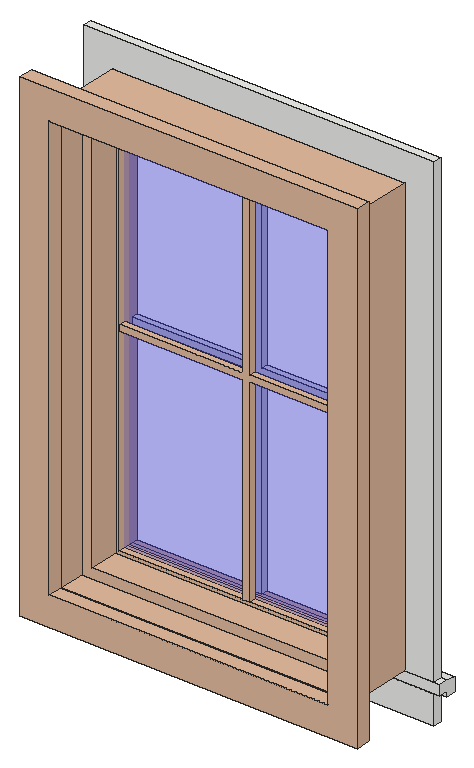
Revit family "M_Window-Fixed", category Windows, host Wall, Revit 2022
Family settings
  Host = Wall
  OmniClass Number = 23.30.20.17.11
  OmniClass Title = Fixed Windows
  Always vertical = Yes
  Cut with Voids When Loaded = No
  Shared = No
  Room Calculation Point = No
Parameters (values of type "600 x 900mm")
  Window Inset [instance] = 0 mm
  Wall Thickness [instance] = 150 mm
  Visual Light Transmittance = 0.81
  Thermal Resistance (R) = 0.319569 (m²·K)/W
  Solar Heat Gain Coefficient = 0.76
  Rough Width = Width + 15 mm  # 615 mm
  Rough Height = Height + 15 mm  # 915 mm
  Muntin Visibility = yes
  Muntin Pattern = M_Muntin Pattern_2x2 : M_Muntin Pattern_2x2
  Interior Wall Closure [instance] = 54.75 mm
  Interior Trim Visibility [instance] = yes
  Interior Trim Material = Wood - Stained
  Interior Trim = M_Trim-Window-Interior-Flat : Picture Frame
  Height = 900 mm
  Interior Frame Material = Wood - Stained
  Heat Transfer Coefficient (U) = 3.12929 W/(m²·K)
  Glass Panel Material = Glass
  Frame Extension [instance] = if(Exterior Trim Visibility, Window Inset + 6.35 mm, 6.35 mm)  # 6.35 mm
  Fire Rating = "0.5h"
  Exterior Wall Closure [instance] = 31.75 mm
  Exterior Trim Visibility [instance] = yes
  Exterior Trim Material = Clad - White
  Exterior Trim = M_Trim-Window-Exterior-Flat : with Sill
  Exterior Frame Material = Clad - White
  Extension Jamb Visibility [instance] = and(Interior Trim Visibility, Wall Thickness - Window Inset > 95.25 mm)  # yes
  Extension Jamb [instance] = if(Wall Thickness - Window Inset > 95.25 mm, Wall Thickness - Window Inset - 95.25 mm, 25.4 mm)  # 54.75 mm
  Default Sill Height = 900 mm
  Wall Closure = By host
  Width = 600 mm
  Assembly Code = "B2020100"
  Analytic Construction = "Double glazing - domestic"
Reference planes
  plane 1 "Center (Front/Back)": y = 0
  plane 2: z = 0
  plane 3 "Center (Left/Right)": x = 0
  plane 4 "Left": x = -300
  plane 5 "Right": x = 300
  plane 6 "Sill": z = 900
  plane 7 "Top": z = 1800
  plane 8 "Inset Face": y = 75
  plane 9 "Wall Closure": y = -20.25
  plane 10 "Sash Face": y = 87.7
  plane 11 "Exterior": y = 75
  plane 12: x = 287.3
  plane 13: x = -287.3
  plane 14: z = 1787.3
  plane 15: z = 912.7
  plane 16: y = 55.95
  plane 17 "Glass": y = 65.475
  plane 18: y = 94.05
  plane 19: y = 94.05
  plane 20 "Interior": y = -75
  plane 21 "Jamb": y = -20.25
  plane 22 "Middle": z = 1350
  plane 23: z = 1350
  plane 24: x = 268.25
  plane 25: x = 261.9
  plane 26: x = -261.9
  plane 27: x = 261.9
  plane 28: z = 1761.9
  plane 29: z = 938.1
  plane 30: y = -20.25
  plane 31: y = 43.25
  plane 32: y = 94.05
Forms (mm)
  Sweep 1, solid, material "Wood - Stained" <- "Interior Frame Material"
    path origin (0, 87.7, 0) x (-1, 0, 0) y (0, 0, 1)
      loop
        line (-300, 900) -> (300, 900) -> (300, 1800) -> (-300, 1800) -> (-300, 900)
    profile origin (300, 87.7, 1350) x (1, 0, 0) y (0, 1, 0)
      loop
        line (0, 6.35) -> (-12.7, 6.35) -> (-12.7, -44.45) -> (-31.75, -44.45) -> (-31.75, -107.95) -> (0, -107.95) -> (0, 6.35)
  Extrusion 2, solid, material "Wood - Stained" <- "Interior Frame Material", visible <- "Extension Jamb Visibility"
    sketch origin (0, 0, 0) x (1, 0, 0) y (0, 0, 1)
      loop
        line (300, 1800) -> (-300, 1800) -> (-300, 900) -> (300, 900) -> (300, 1800)
      loop
        line (287.3, 912.7) -> (287.3, 1787.3) -> (-287.3, 1787.3) -> (-287.3, 912.7) -> (287.3, 912.7)
    from 20.25 to 75
  Sweep 3, solid, material "Wood - Stained" <- "Interior Frame Material"
    path origin (0, 87.7, 0) x (-1, 0, 0) y (0, 0, 1)
      loop
        line (-287.3, 1787.3) -> (-287.3, 912.7) -> (287.3, 912.7) -> (287.3, 1787.3) -> (-287.3, 1787.3)
    profile origin (287.3, 87.7, 1350) x (0, 1, 0) y (-1, 0, 0)
      loop
        line (0, 0) -> (0, 25.4) -> (-44.45, 25.4) -> (-44.45, 0) -> (0, 0)
  Extrusion 4, solid, material "Glass" <- "Glass Panel Material"
    sketch origin (0, 0, 900) x (0, -1, 0) y (1, 0, 0)
      loop
        line (-75, -261.9) -> (-68.65, -261.9) -> (-68.65, 261.9) -> (-75, 261.9) -> (-75, -261.9)
      loop
        line (-55.95, 261.9) -> (-62.3, 261.9) -> (-62.3, -261.9) -> (-55.95, -261.9) -> (-55.95, 261.9)
    from 38.1 to 861.9
Lines and regions (mm)
  Opening 1
    outline origin (-1524, -75, 0) x (1, 0, 0) y (0, 0, 1)
      loop
        line (1224, 1800) -> (1224, 900) -> (1824, 900) -> (1824, 1800) -> (1224, 1800)
  Split face 1
    outline origin (261.9, 87.7, 938.1) x (-1, 0, 0) y (0, -1, 0)
      loop
        line (523.8, 12.7) -> (0, 12.7)
  Split face 2
    outline origin (261.9, 87.7, 1761.9) x (0, 0, -1) y (0, -1, 0)
      loop
        line (0, 12.7) -> (823.8, 12.7)
  Split face 3
    outline origin (-261.9, 87.7, 938.1) x (0, 0, 1) y (0, -1, 0)
      loop
        line (823.8, 12.7) -> (0, 12.7)
  Split face 4
    outline origin (-261.9, 87.7, 1761.9) x (0, -1, 0) y (1, 0, 0)
      loop
        line (12.7, 0) -> (12.7, 523.8)
  Split face 5
    outline origin (287.3, 43.25, 912.7) x (0, 0, 1) y (0, 1, 0)
      loop
        line (874.6, 31.75) -> (0, 31.75)
  Split face 6
    outline origin (-287.3, 43.25, 912.7) x (1, 0, 0) y (0, 1, 0)
      loop
        line (0, 31.75) -> (574.6, 31.75)
  Split face 7
    outline origin (-287.3, 43.25, 1787.3) x (0, 0, -1) y (0, 1, 0)
      loop
        line (874.6, 44.45) -> (0, 44.45)
  Split face 8
    outline origin (287.3, 43.25, 1787.3) x (0, 1, 0) y (-1, 0, 0)
      loop
        line (44.45, 0) -> (44.45, 574.6)
Text (mm)
  text "EXTERIOR" at (-1490.695, 1293.036, 0), in view "Ref. Level"
  text "INTERIOR" at (-1490.695, -959.266, 0), in view "Ref. Level"
  text "Exterior" at (0, 1108.87, 3129.179), in view "Left"
  text "Exterior" at (0, 464.664, 3176.206), in view "Right"
Dimensions and locks
  equal spacing: plane 4 "Left", plane 3 "Center (Left/Right)", plane 5 "Right"
  "Width": plane 4 "Left" to plane 5 "Right"
  "Height": plane 6 "Sill" to plane 7 "Top"
  "Default Sill Height": plane 2 to plane 6 "Sill"
  locked: plane 10 "Sash Face" to plane 8 "Inset Face" at 12.7
  "Wall Thickness": host wall to host wall
  "Window Inset": plane 11 "Exterior" to plane 8 "Inset Face"
  locked: Sweep 1 sketch curve to plane 5 "Right" at 12.7
  locked: plane 12 to plane 5 "Right" at 12.7
  locked: plane 4 "Left" to plane 13 at 12.7
  locked: plane 14 to plane 7 "Top" at 12.7
  locked: plane 6 "Sill" to plane 15 at 12.7
  plane 16 to Sweep 3 = 12.7 mm
  equal spacing: plane 8 "Inset Face", plane 17 "Glass", plane 16
  locked: plane 8 "Inset Face" to plane 16 at 19.05
  locked: plane 18 to plane 11 "Exterior" at 19.05
  locked: plane 19 to plane 10 "Sash Face" at 6.35
  "Extension Jamb": plane 21 "Jamb" to plane 20 "Interior"
  locked: plane 8 "Inset Face" to plane 9 "Wall Closure" at 95.25
  equal spacing: plane 6 "Sill", plane 23, plane 7 "Top"
  plane 24 to plane 5 "Right" = 31.75 mm
  plane 25 to plane 12 = 25.4 mm
  locked: plane 4 "Left" to plane 26 at 38.1
  locked: plane 7 "Top" to plane 28 at 38.1
  locked: plane 29 to plane 6 "Sill" at 38.1
  locked: plane 27 to plane 5 "Right" at 38.1
  level to host wall = 7010.4 mm
  "Interior Wall Closure": plane 30 to plane 20 "Interior"
  "Exterior Wall Closure": plane 11 "Exterior" to plane 31
  "Frame Extension": plane 32 to plane 10 "Sash Face"
  aligned and locked: plane 7 "Top" to Opening 1 sketch curve
  aligned and locked: plane 6 "Sill" to Opening 1 sketch curve  (x2)
  aligned and locked: plane 5 "Right" to Opening 1 sketch curve
  aligned and locked: plane 4 "Left" to Opening 1 sketch curve
  aligned and locked: level to plane 2
  aligned and locked: host wall to plane 11 "Exterior"
  aligned and locked: plane 5 "Right" to Sweep 1 sketch curve
  aligned and locked: plane 7 "Top" to Sweep 1 sketch curve
  aligned and locked: Sweep 1 sketch curve to plane 4 "Left"
  aligned and locked: Sweep 1 sketch curve to plane 6 "Sill"
  aligned and locked: Extrusion 2 sketch curve to host wall  (x3)
  aligned and locked: plane 7 "Top" to Extrusion 2 sketch curve
  aligned and locked: host wall to Extrusion 2
  aligned and locked: Sweep 3 sketch curve to plane 12  (x2)
  aligned and locked: Sweep 3 sketch curve to plane 15
  aligned and locked: Split face 1 sketch curve to plane 8 "Inset Face"
  aligned and locked: plane 8 "Inset Face" to Split face 2 sketch curve
  aligned and locked: plane 8 "Inset Face" to Split face 3 sketch curve
  aligned and locked: Split face 4 sketch curve to plane 8 "Inset Face"
  aligned and locked: Extrusion 4 sketch curve to plane 8 "Inset Face"
  aligned and locked: Sweep 3 to Extrusion 4 sketch curve
  aligned and locked: Extrusion 4 sketch curve to plane 16
  aligned and locked: Extrusion 4 sketch curve to Sweep 3
  aligned and locked: plane 20 "Interior" to host wall
  aligned and locked: plane 21 "Jamb" to Extrusion 2
  aligned and locked: plane 9 "Wall Closure" to Sweep 1
  aligned and locked: nested 2 to plane 4 "Left"
  aligned and locked: plane 11 "Exterior" to nested 2
  aligned and locked: profile plane to Sweep 3 sketch curve
  aligned and locked: plane 13 to Sweep 3 sketch curve
  aligned and locked: plane 12 to Extrusion 2 sketch curve
  aligned and locked: Extrusion 2 sketch curve to plane 14
  aligned and locked: Extrusion 2 sketch curve to plane 13
  aligned and locked: plane 15 to Extrusion 2 sketch curve
  aligned and locked: plane 23 to plane 22 "Middle"
  aligned and locked: plane 14 to Sweep 3 sketch curve
  aligned and locked: Sweep 1 sketch curve to Sweep 3
  aligned and locked: Sweep 3 sketch curve to plane 25
  aligned and locked: Extrusion 4 sketch curve to plane 25  (x2)
  aligned and locked: Extrusion 4 to Sweep 3  (x2)
  aligned and locked: plane 8 "Inset Face" to Split face 5 sketch curve
  aligned and locked: Split face 6 sketch curve to plane 8 "Inset Face"
  aligned and locked: Split face 7 sketch curve to plane 10 "Sash Face"
  aligned and locked: plane 10 "Sash Face" to Split face 8 sketch curve
  aligned and locked: plane 7 "Top" to nested 2
  aligned and locked: nested 1 to plane 29
  aligned and locked: plane 15 to Extrusion 2
  aligned and locked: Extrusion 2 to plane 14
  aligned and locked: plane 17 "Glass" to nested 1
  aligned and locked: nested 1 to plane 28
  aligned and locked: plane 25 to nested 1
  aligned and locked: plane 26 to nested 1
  aligned and locked: plane 7 "Top" to nested 3
  aligned and locked: nested 3 to plane 3 "Center (Left/Right)"
  aligned and locked: plane 7 "Top" to nested 4
  aligned and locked: plane 3 "Center (Left/Right)" to nested 4
  aligned and locked: plane 32 to Sweep 1 sketch curve
Automatic sketch dimensions
  Sweep 3 sketch curve to plane 10 "Sash Face" = 44.45 mm
  Split face 1 sketch curve to Sweep 3 = 0 mm  (x2)
  Sweep 3 to Split face 2 sketch curve = 0 mm
  Split face 2 sketch curve to Sweep 3 = 0 mm
  Split face 3 sketch curve to Sweep 3 = 0 mm
  Sweep 3 to Split face 3 sketch curve = 0 mm
  Split face 4 sketch curve to Sweep 3 = 0 mm  (x2)
  plane 17 "Glass" to Extrusion 4 sketch curve = 3.175 mm
  Extrusion 4 sketch curve to plane 17 "Glass" = 3.175 mm
  Sweep 1 sketch curve to profile plane = 0 mm
  profile plane to Sweep 1 sketch curve = 31.75 mm
  Sweep 1 sketch curve to plane 10 "Sash Face" = 107.95 mm
  Split face 5 sketch curve to Sweep 1 = 0 mm
  Sweep 1 to Split face 5 sketch curve = 0 mm
  Split face 6 sketch curve to Sweep 1 = 0 mm  (x2)
  Sweep 1 to Split face 7 sketch curve = 0 mm
  Split face 7 sketch curve to Sweep 1 = 0 mm
  Split face 8 sketch curve to Sweep 1 = 0 mm  (x2)
Nested families
  nested 1: "M_Muntin Pattern_2x2" at (0, 65.475, 938.1) x (-1, 0, 0) z (0, 0, 1), type <- "Muntin Pattern", Exterior Material <- "Exterior Frame Material", Interior Material <- "Interior Frame Material", visible <- "Muntin Visibility", type "M_Muntin Pattern_2x2"
    with Width 523.8 mm, Interior Material Wood - Stained, Height 823.8 mm, Exterior Material Clad - White
  nested 2: "M_Plan-Fixed" at (0, 75, 900) x (-1, 0, 0) z (0, 0, 1), Width <- "Width", Wall Thickness <- "Wall Thickness", Height <- "Height", Window Inset <- "Window Inset", type "M_Plan-Fixed"
    with Window Inset of 3D 0 mm, Window Inset 0 mm, Width 600 mm, Wall Thickness 150 mm, Height 900 mm
  nested 3: "M_Trim-Window-Exterior-Flat" at (0, 75, 1800) x (-1, 0, 0) z (0, 1, 0), visible <- "Exterior Trim Visibility", Trim Material <- "Exterior Trim Material", Opening Width <- "Width", Opening Height <- "Height", type <- "Exterior Trim", type "with Sill"
    with Trim Material Clad - White, Opening Width 600 mm, Opening Height 900 mm
  nested 4: "M_Trim-Window-Interior-Flat" at (0, -75, 1800) x (1, 0, 0) z (0, -1, 0), visible <- "Interior Trim Visibility", Trim Material <- "Interior Trim Material", Opening Width <- "Width", Opening Height <- "Height", type <- "Interior Trim", type "Picture Frame"
    with Trim Material Wood - Stained, Opening Width 600 mm, Opening Height 900 mm
Definition of nested family "M_Muntin Pattern_2x2"
  Parameters (values of type "M_Muntin Pattern_2x2")
    Width [instance] = 1200 mm
    Thickness = 12.7 mm
    Height [instance] = 1200 mm
    Interior Material [instance] = none
    Exterior Material [instance] = none
    Distance = 19.05 mm
    Default Elevation = 0 mm
  Reference planes
    plane 1 "Center (Front/Back)": y = 0
    plane 2: z = 0
    plane 3 "Center (Left/Right)": x = 0
    plane 4: z = 1200
    plane 5: x = -600
    plane 6: x = 600
    plane 7: z = 600
    plane 8: y = 9.525
    plane 9: y = 22.225
    plane 10: y = -9.525
    plane 11: y = -22.225
  Forms (mm)
    Extrusion 1, solid, material <- "Interior Material", detail levels fine
      sketch origin (0, 0, 0) x (1, 0, 0) y (0, 0, 1)
        loop
          line (-600, 606.35) -> (-600, 593.65) -> (-6.35, 593.65) -> (-6.35, 0) -> (6.35, 0) -> (6.35, 593.65) -> (600, 593.65) -> (600, 606.35) -> (6.35, 606.35) -> (6.35, 1200) -> (-6.35, 1200) -> (-6.35, 606.35) -> (-600, 606.35)
      from 9.525 to 22.225
    Extrusion 2, solid, material <- "Exterior Material", detail levels fine
      sketch origin (0, 0, 0) x (1, 0, 0) y (0, 0, -1)
        loop
          line (-600, -606.35) -> (-6.35, -606.35) -> (-6.35, -1200) -> (6.35, -1200) -> (6.35, -606.35) -> (600, -606.35) -> (600, -593.65) -> (6.35, -593.65) -> (6.35, 0) -> (-6.35, 0) -> (-6.35, -593.65) -> (-600, -593.65) -> (-600, -606.35)
      from 9.525 to 22.225
  Lines and regions (mm)
    model lines, detail levels medium
      curve 1: line (0, 9.525, 1200) -> (0, 9.525, 0)
      curve 2: line (-600, -9.525, 600) -> (600, -9.525, 600)
      curve 3: line (-600, 9.525, 600) -> (600, 9.525, 600)
      curve 4: line (0, -9.525, 1200) -> (0, -9.525, 0)
  Dimensions and locks
    equal spacing: plane 6, plane 3 "Center (Left/Right)", plane 5
    "Width": plane 6 to plane 5
    "Height": plane 4 to plane 2
    equal spacing: plane 4, plane 7, plane 2
    locked: plane 3 "Center (Left/Right)" to Extrusion 1 sketch curve at 6.35  (x4)
    locked: Extrusion 1 sketch curve to plane 7 at 6.35  (x2)
    locked: plane 7 to Extrusion 1 sketch curve at 6.35  (x2)
    "Thickness": plane 9 to plane 8
    "Thickness": plane 10 to plane 11
    "Distance": plane 8 to plane 10
    equal spacing: plane 8, plane 1 "Center (Front/Back)", plane 10
    aligned and locked: plane 2 to level
    aligned and locked: plane 4 to curve 1
    aligned and locked: plane 5 to curve 2
    aligned and locked: plane 2 to curve 1
    aligned and locked: plane 6 to curve 2
    aligned and locked: Extrusion 1 sketch curve to plane 4
    aligned and locked: Extrusion 1 sketch curve to plane 6
    aligned and locked: Extrusion 1 sketch curve to plane 5
    aligned and locked: Extrusion 1 sketch curve to level
    aligned and locked: Extrusion 1 to plane 11
    aligned and locked: plane 10 to Extrusion 1
    aligned and locked: Extrusion 2 to plane 5
    aligned and locked: plane 6 to Extrusion 2
    aligned and locked: Extrusion 2 to plane 8
    aligned and locked: plane 9 to Extrusion 2
    aligned and locked: Extrusion 2 to plane 2
    aligned and locked: plane 4 to Extrusion 2
    aligned and locked: plane 5 to curve 3
    aligned and locked: plane 6 to curve 3
    aligned and locked: plane 4 to curve 4
    aligned and locked: plane 2 to curve 4
    aligned and locked: plane 8 to curve 3
  Automatic sketch dimensions
    curve 2 to plane 7 = 0 mm
    Extrusion 2 sketch curve to plane 5 = 0 mm
    Extrusion 2 sketch curve to level = 0 mm
    Extrusion 2 sketch curve to plane 4 = 0 mm
    Extrusion 2 sketch curve to plane 6 = 0 mm
    Extrusion 2 sketch curve to plane 3 "Center (Left/Right)" = 6.35 mm  (x2)
    plane 3 "Center (Left/Right)" to Extrusion 2 sketch curve = 6.35 mm  (x2)
    plane 7 to Extrusion 2 sketch curve = 6.35 mm  (x2)
    Extrusion 2 sketch curve to plane 7 = 6.35 mm  (x2)
    curve 4 to plane 3 "Center (Left/Right)" = 0 mm
    curve 4 to level = 0 mm
    curve 4 to plane 4 = 0 mm
    curve 3 to plane 6 = 0 mm
    curve 1 to plane 3 "Center (Left/Right)" = 0 mm
    curve 3 to plane 5 = 0 mm
    curve 3 to plane 7 = 0 mm
Definition of nested family "M_Trim-Window-Exterior-Flat"
  Parameters (values of type "with Sill")
    Trim Width = 60 mm
    Trim Thickness_Picture Frame = 30 mm
    Trim Thickness_with Sill = 19.05 mm
    Trim Material [instance] = none
    Sill Thickness = 30 mm
    Sill = yes
    Picture Frame = no
    Opening Width [instance] = 600 mm
    Opening Height [instance] = 900 mm
    Default Elevation = 1200 mm
  Types (2, lengths in mm): name | Sill | Picture Frame
    with Sill | yes | no
    Picture Frame | no | yes
  Reference planes
    plane 1 "Center (Front/Back)": y = 0
    plane 2: z = 0
    plane 3 "Center (Left/Right)": x = 0
    plane 4: y = 60
    plane 5 "Left": x = -300
    plane 6 "Right": x = 300
    plane 7 "Bottom": y = -900
    plane 8: y = -930
    plane 9: y = -980.432
    plane 10: x = 360
    plane 11: x = -360
    plane 12: z = 19.05
    plane 13: z = 30
    plane 14: x = 372.7
    plane 15: x = -372.7
    plane 16: y = -920.432
    plane 17: y = -960
    plane 18: z = 12.7
    plane 19: y = -450
    plane 20: z = 38.1
  Forms (mm)
    Extrusion 1, solid
      sketch origin (0, 0, 0) x (1, 0, 0) y (0, 1, 0)
        loop
          line (-361.95, 57.15) -> (-361.95, -993.732) -> (361.95, -993.732) -> (361.95, 57.15) -> (-361.95, 57.15)
      from 0 to -304.8
    Extrusion 2, solid, material <- "Trim Material", visible <- "Sill"
      sketch origin (0, 0, 0) x (1, 0, 0) y (0, 1, 0)
        loop
          line (-360, -900) -> (-300, -900) -> (-300, 0) -> (300, 0) -> (300, -900) -> (360, -900) -> (360, 60) -> (-360, 60) -> (-360, -900)
      from 0 to 19.05
    Extrusion 3, solid, material <- "Trim Material", visible <- "Sill"
      sketch origin (0, 0, 0) x (0, 1, 0) y (0, 0, 1)
        loop
          line (-902.458, 38.1) -> (-930, 38.1) -> (-930, 19.05) -> (-920.432, 19.05) -> (-920.432, 0) -> (-900, 0) -> (-900, 19.05) -> (-902.458, 38.1)
      from -372.7 to 372.7
    Extrusion 4, solid, material <- "Trim Material", visible <- "Sill"
      sketch origin (0, 0, 0) x (1, 0, 0) y (0, 1, 0)
        loop
          line (-360, -920.432) -> (-360, -980.432) -> (360, -980.432) -> (360, -920.432) -> (-360, -920.432)
      from 0 to 19.05
    Extrusion 5, solid, material <- "Trim Material", visible <- "Picture Frame"
      sketch origin (0, 0, 0) x (1, 0, 0) y (0, 1, 0)
        loop
          line (-300, 0) -> (-300, -900) -> (300, -900) -> (300, 0) -> (-300, 0)
        loop
          line (-360, 60) -> (-360, -960) -> (360, -960) -> (360, 60) -> (-360, 60)
      from 0 to 30
  Dimensions and locks
    equal spacing: plane 5 "Left", plane 3 "Center (Left/Right)", plane 6 "Right"
    "Opening Width": plane 5 "Left" to plane 6 "Right"
    "Opening Height": plane 7 "Bottom" to plane 1 "Center (Front/Back)"
    "Sill Thickness": plane 7 "Bottom" to plane 8
    "Trim Width": plane 11 to plane 5 "Left"
    "Trim Width": plane 6 "Right" to plane 10
    "Trim Width": plane 1 "Center (Front/Back)" to plane 4
    locked: plane 15 to plane 11 at 12.7
    locked: plane 10 to plane 14 at 12.7
    locked: plane 16 to plane 8 at 9.568
    "Trim Width": plane 9 to plane 16
    "Trim Width": plane 17 to plane 7 "Bottom"
    locked: plane 18 to plane 2 at 12.7
    equal spacing: plane 7 "Bottom", plane 19, plane 1 "Center (Front/Back)"
    locked: plane 20 to plane 12 at 19.05
    "Trim Thickness_with Sill": plane 12 to plane 2
    "Trim Thickness_Picture Frame": plane 13 to plane 2
    aligned and locked: plane 2 to Extrusion 1
    aligned and locked: level to Extrusion 1
    aligned and locked: Extrusion 2 sketch curve to plane 5 "Left"
    aligned and locked: Extrusion 2 sketch curve to plane 11
    aligned and locked: plane 7 "Bottom" to Extrusion 2 sketch curve  (x2)
    aligned and locked: plane 1 "Center (Front/Back)" to Extrusion 2 sketch curve
    aligned and locked: plane 10 to Extrusion 2 sketch curve
    aligned and locked: Extrusion 2 sketch curve to plane 6 "Right"
    aligned and locked: plane 12 to Extrusion 2
    aligned and locked: Extrusion 3 sketch curve to level
    aligned and locked: plane 7 "Bottom" to Extrusion 3 sketch curve
    aligned and locked: Extrusion 3 sketch curve to plane 8
    aligned and locked: plane 15 to Extrusion 3
    aligned and locked: Extrusion 3 to plane 14
    aligned and locked: plane 10 to Extrusion 4 sketch curve
    aligned and locked: Extrusion 4 sketch curve to plane 11
    aligned and locked: plane 16 to Extrusion 4 sketch curve
    aligned and locked: plane 9 to Extrusion 4 sketch curve
    aligned and locked: Extrusion 4 to Extrusion 2
    aligned and locked: Extrusion 2 sketch curve to plane 4
    aligned and locked: plane 1 "Center (Front/Back)" to Extrusion 5 sketch curve
    aligned and locked: Extrusion 5 sketch curve to plane 4
    aligned and locked: Extrusion 5 sketch curve to plane 17
    aligned and locked: plane 7 "Bottom" to Extrusion 5 sketch curve
    aligned and locked: Extrusion 5 sketch curve to plane 6 "Right"
    aligned and locked: plane 10 to Extrusion 5 sketch curve
    aligned and locked: Extrusion 5 sketch curve to plane 5 "Left"
    aligned and locked: Extrusion 5 sketch curve to plane 11
    aligned and locked: plane 13 to Extrusion 5
    aligned and locked: plane 20 to Extrusion 3
  Automatic sketch dimensions
    Extrusion 1 sketch curve to Extrusion 1 sketch curve = 723.9 mm
    Extrusion 1 sketch curve to Extrusion 1 sketch curve = 1050.882 mm
    Extrusion 3 sketch curve to plane 16 = 0 mm
    Extrusion 3 sketch curve to plane 12 = 0 mm  (x2)
    Extrusion 3 sketch curve to plane 7 "Bottom" = 2.458 mm
    plane 13 to Extrusion 3 sketch curve = 8.1 mm
Definition of nested family "M_Trim-Window-Interior-Flat"
  Parameters (values of type "with Sill")
    Trim Thickness_Picture Frame = 30 mm
    Trim Width = 60 mm
    Trim Thickness_with Sill = 20 mm
    Trim Material [instance] = none
    Sill Thickness = 30 mm
    Sill = yes
    Picture Frame = no
    Opening Width [instance] = 600 mm
    Opening Height [instance] = 900 mm
    Default Elevation = 1200 mm
  Types (2, lengths in mm): name | Sill | Picture Frame
    with Sill | yes | no
    Picture Frame | no | yes
  Reference planes
    plane 1 "Center (Front/Back)": y = 0
    plane 2: z = 0
    plane 3 "Center (Left/Right)": x = 0
    plane 4: y = 47.3
    plane 5 "Left": x = -300
    plane 6 "Right": x = 300
    plane 7 "Bottom": y = -900
    plane 8: y = -930
    plane 9: y = -980.432
    plane 10: x = 347.3
    plane 11: x = -347.3
    plane 12: z = 20
    plane 13: z = 30
    plane 14: x = 360
    plane 15: x = -360
    plane 16: y = -920.432
    plane 17: y = -947.3
    plane 18: z = 12.7
    plane 19: x = -287.3
    plane 20: y = -12.7
    plane 21: x = 287.3
    plane 22: y = -887.3
    plane 23: x = -334.6
    plane 24: x = 334.6
    plane 25: y = -450
  Forms (mm)
    Extrusion 1, solid
      sketch origin (0, 0, 0) x (1, 0, 0) y (0, 1, 0)
        loop
          line (-349.25, 44.45) -> (-349.25, -958.85) -> (349.25, -958.85) -> (349.25, 44.45) -> (-349.25, 44.45)
      from 0 to -304.8
    Extrusion 2, solid, material <- "Trim Material", visible <- "Sill"
      sketch origin (0, 0, 0) x (1, 0, 0) y (0, 1, 0)
        loop
          line (-334.6, -900) -> (-287.3, -900) -> (-287.3, 0) -> (287.3, 0) -> (287.3, -900) -> (334.6, -900) -> (334.6, 47.3) -> (-334.6, 47.3) -> (-334.6, -900)
      from 0 to 20
    Extrusion 3, solid, material <- "Trim Material", visible <- "Sill"
      sketch origin (0, 0, 0) x (0, 1, 0) y (0, 0, 1)
        loop
          line (-912.7, 39.05) -> (-920.432, 39.05) -> (-920.432, 0) -> (-900, 0) -> (-900, 26.35)
          arc (-900, 26.35) -> (-903.72, 35.33) -> (-912.7, 39.05) r 12.7
      from -347.3 to 347.3
    Extrusion 4, solid, material <- "Trim Material", visible <- "Sill"
      sketch origin (0, 0, 0) x (1, 0, 0) y (0, 1, 0)
        loop
          line (-334.6, -920.432) -> (-334.6, -980.432) -> (334.6, -980.432) -> (334.6, -920.432) -> (-334.6, -920.432)
      from 0 to 20
    Extrusion 5, solid, material <- "Trim Material", visible <- "Picture Frame"
      sketch origin (0, 0, 0) x (1, 0, 0) y (0, 1, 0)
        loop
          line (-287.3, -12.7) -> (-287.3, -887.3) -> (287.3, -887.3) -> (287.3, -12.7) -> (-287.3, -12.7)
        loop
          line (-347.3, 47.3) -> (-347.3, -947.3) -> (347.3, -947.3) -> (347.3, 47.3) -> (-347.3, 47.3)
      from 0 to 30
  Dimensions and locks
    equal spacing: plane 5 "Left", plane 3 "Center (Left/Right)", plane 6 "Right"
    "Opening Width": plane 5 "Left" to plane 6 "Right"
    "Opening Height": plane 7 "Bottom" to plane 1 "Center (Front/Back)"
    "Sill Thickness": plane 7 "Bottom" to plane 8
    "Trim Width": plane 11 to plane 19
    "Trim Width": plane 21 to plane 10
    "Trim Width": plane 20 to plane 4
    "Trim Thickness_with Sill": plane 12 to plane 2
    locked: plane 15 to plane 11 at 12.7
    locked: plane 10 to plane 14 at 12.7
    locked: plane 16 to plane 8 at 9.568
    "Trim Width": plane 9 to plane 16
    "Trim Width": plane 17 to plane 22
    plane 20 to plane 1 "Center (Front/Back)" = 12.7 mm
    plane 5 "Left" to plane 19 = 12.7 mm
    plane 21 to plane 6 "Right" = 12.7 mm
    plane 22 to plane 7 "Bottom" = 12.7 mm
    locked: plane 11 to plane 23 at 12.7
    locked: plane 24 to plane 10 at 12.7
    equal spacing: plane 7 "Bottom", plane 25, plane 1 "Center (Front/Back)"
    "Trim Thickness_Picture Frame": plane 13 to plane 2
    locked: Extrusion 3 to plane 12 at 19.05
    locked: plane 12 to Extrusion 3 sketch curve at 19.05
    radius of Extrusion 3 sketch curve = 12.7 mm
    aligned and locked: plane 2 to Extrusion 1
    aligned and locked: level to Extrusion 1
    aligned and locked: plane 7 "Bottom" to Extrusion 2 sketch curve  (x2)
    aligned and locked: plane 1 "Center (Front/Back)" to Extrusion 2 sketch curve
    aligned and locked: plane 12 to Extrusion 2
    aligned and locked: Extrusion 3 sketch curve to level
    aligned and locked: plane 7 "Bottom" to Extrusion 3 sketch curve
    aligned and locked: plane 16 to Extrusion 4 sketch curve
    aligned and locked: plane 9 to Extrusion 4 sketch curve
    aligned and locked: Extrusion 2 sketch curve to plane 4
    aligned and locked: Extrusion 5 sketch curve to plane 4
    aligned and locked: Extrusion 5 sketch curve to plane 17
    aligned and locked: plane 10 to Extrusion 5 sketch curve
    aligned and locked: Extrusion 5 sketch curve to plane 11
    aligned and locked: plane 13 to Extrusion 5
    aligned and locked: Extrusion 5 sketch curve to plane 20
    aligned and locked: Extrusion 5 sketch curve to plane 19
    aligned and locked: Extrusion 5 sketch curve to plane 21
    aligned and locked: plane 22 to Extrusion 5 sketch curve
    aligned and locked: Extrusion 4 to plane 24
    aligned and locked: plane 11 to Extrusion 3
    aligned and locked: Extrusion 3 to plane 10
    aligned and locked: Extrusion 2 sketch curve to plane 21
    aligned and locked: Extrusion 2 sketch curve to plane 24
    aligned and locked: Extrusion 2 sketch curve to plane 19
    aligned and locked: Extrusion 2 sketch curve to plane 23
    aligned and locked: plane 12 to Extrusion 4
  Automatic sketch dimensions
    Extrusion 1 sketch curve to Extrusion 1 sketch curve = 698.5 mm
    Extrusion 1 sketch curve to Extrusion 1 sketch curve = 1003.3 mm
    Extrusion 3 sketch curve to plane 16 = 0 mm
    Extrusion 4 sketch curve to plane 11 = 12.7 mm
    Extrusion 4 sketch curve to plane 24 = 0 mm
Definition of nested family "M_Plan-Fixed"
  Parameters (values of type "M_Plan-Fixed")
    Window Inset [instance] = 25 mm
    Window Inset of 3D [instance] = if(Window Inset - 12.7 mm < 0 mm, 0 mm, if(Window Inset - 12.7 mm < Wall Thickness - 88.9 mm, Window Inset - 12.7 mm, Wall Thickness - 88.9 mm))  # 12.3 mm
    Width [instance] = 1200 mm
    Wall Thickness [instance] = 150 mm
    Height [instance] = 900 mm
    Default Elevation = 1200 mm
    Analytic Construction = "<None>"
  Reference planes
    plane 1 "Center (Front/Back)": y = 0
    plane 2: z = 0
    plane 3 "Center (Left/Right)": x = 0
    plane 4: x = -600
    plane 5: x = 600
    plane 6 "Jamb": y = -101.2
    plane 7: x = -587.3
    plane 8: x = -568.25
    plane 9: y = -12.3
    plane 10: y = -56.75
    plane 11: y = -34.525
    plane 12: x = -561.9
    plane 13: x = 587.3
    plane 14: x = 568.25
    plane 15: x = 561.9
    plane 16 "Window Inset": y = -25
    plane 17 "Wall": y = -150
    plane 18: z = 900
    plane 19: z = 887.3
    plane 20: z = 12.7
    plane 21: z = 868.25
    plane 22: z = 31.75
    plane 23: z = 861.9
    plane 24: z = 38.1
  Lines and regions (mm)
    Masking region 1
      outline origin (0, 19.05, 0) x (1, 0, 0) y (0, 1, 0)
        loop
          line (-600, -169.05) -> (600, -169.05) -> (600, -19.05) -> (-600, -19.05) -> (-600, -169.05)
    Masking region 2
      outline origin (0, 0, 0) x (0, 1, 0) y (0, 0, 1)
        loop
          line (-150, 900) -> (-150, 0) -> (0, 0) -> (0, 900) -> (-150, 900)
    symbolic lines
      curve 1: line (-587.3, -56.75, 0) -> (-568.25, -56.75, 0)
      curve 2: line (-568.25, -56.75, 0) -> (-568.25, -101.2, 0)
      curve 3: line (-587.3, -12.3, 0) -> (-587.3, -56.75, 0)
      curve 4: line (-600, -12.3, 0) -> (-561.9, -12.3, 0)
      curve 5: line (-561.9, -12.3, 0) -> (-561.9, -56.75, 0)
      curve 6: line (-561.9, -56.75, 0) -> (-568.25, -56.75, 0)
      curve 7: line (-561.9, -34.525, 0) -> (561.9, -34.525, 0)
      curve 8: line (587.3, -56.75, 0) -> (568.25, -56.75, 0)
      curve 9: line (568.25, -56.75, 0) -> (568.25, -101.2, 0)
      curve 10: line (587.3, -12.3, 0) -> (587.3, -56.75, 0)
      curve 11: line (561.9, -12.3, 0) -> (561.9, -56.75, 0)
      curve 12: line (561.9, -56.75, 0) -> (568.25, -56.75, 0)
      curve 13: line (-600, -101.2, 0) -> (-568.25, -101.2, 0)
      curve 14: line (568.25, -101.2, 0) -> (600, -101.2, 0)
      curve 15: line (0, -12.3, 887.3) -> (0, -56.75, 887.3)
      curve 16: line (0, -56.75, 868.25) -> (0, -101.2, 868.25)
      curve 17: line (0, -101.2, 0) -> (0, -101.2, 31.75)
      curve 18: line (0, -12.3, 12.7) -> (0, -56.75, 12.7)
      curve 19: line (0, -56.75, 12.7) -> (0, -56.75, 38.1)
      curve 20: line (0, -56.75, 31.75) -> (0, -101.2, 31.75)
      curve 21: line (0, -12.3, 900) -> (0, -12.3, 861.9)
      curve 22: line (0, -12.3, 861.9) -> (0, -56.75, 861.9)
      curve 23: line (0, -56.75, 38.1) -> (0, -12.3, 38.1)
      curve 24: line (0, -34.525, 38.1) -> (0, -34.525, 861.9)
      curve 25: line (0, -56.75, 887.3) -> (0, -56.75, 861.9)
      curve 26: line (561.9, -12.3, 0) -> (600, -12.3, 0)
      curve 27: line (0, -101.2, 868.25) -> (0, -101.2, 900)
      curve 28: line (0, -12.3, 38.1) -> (0, -12.3, 0)
      curve 29: line (-561.9, -12.3, 0) -> (561.9, -12.3, 0)
      curve 30: line (568.25, -101.2, 0) -> (-568.25, -101.2, 0)
      curve 31: line (0, -12.3, 861.9) -> (0, -12.3, 38.1)
      curve 32: line (0, -101.2, 31.75) -> (0, -101.2, 868.25)
  Dimensions and locks
    "Width": plane 4 to plane 5
    equal spacing: plane 4, plane 3 "Center (Left/Right)", plane 5
    plane 4 to plane 7 to plane 8 = 12.7 mm locked, 19.05 mm locked
    equal spacing: plane 9, plane 11, plane 10
    plane 5 to plane 13 to plane 14 = 12.7 mm locked, 19.05 mm locked
    locked: plane 9 to plane 16 "Window Inset" at 12.7
    locked: plane 9 to plane 10 at 44.45
    "Wall Thickness": plane 17 "Wall" to plane 1 "Center (Front/Back)"
    "Height": plane 18 to plane 2
    locked: plane 18 to plane 19 at 12.7
    locked: plane 20 to plane 2 at 12.7
    locked: plane 19 to plane 21 at 19.05
    locked: plane 22 to plane 20 at 19.05
    locked: plane 10 to plane 6 "Jamb" at 44.45
    "Window Inset of 3D": plane 9 to plane 1 "Center (Front/Back)"
    locked: plane 7 to plane 12 at 25.4
    locked: plane 15 to plane 13 at 25.4
    locked: plane 19 to plane 23 at 25.4
    locked: plane 24 to plane 20 at 25.4
    aligned and locked: plane 2 to level
    aligned and locked: curve 2 to plane 8
    aligned and locked: curve 1 to plane 10
    aligned and locked: plane 4 to Masking region 1 sketch curve
    aligned and locked: Masking region 1 sketch curve to plane 5
    aligned and locked: plane 14 to curve 9
    aligned and locked: Masking region 1 sketch curve to plane 17 "Wall"
    aligned and locked: curve 13 to plane 6 "Jamb"
    aligned and locked: curve 14 to plane 6 "Jamb"
    aligned and locked: plane 1 "Center (Front/Back)" to Masking region 1 sketch curve
    aligned and locked: Masking region 2 sketch curve to plane 18
    aligned and locked: plane 17 "Wall" to Masking region 2 sketch curve
    aligned and locked: level to Masking region 2 sketch curve
    aligned and locked: plane 6 "Jamb" to curve 17
    aligned and locked: plane 21 to curve 16
    aligned and locked: plane 19 to curve 15
    aligned and locked: plane 22 to curve 20
    aligned and locked: plane 10 to curve 19  (x2)
    aligned and locked: plane 20 to curve 18
    aligned and locked: curve 21 to plane 9
    aligned and locked: plane 23 to curve 22
    aligned and locked: curve 23 to plane 24
    aligned and locked: plane 11 to curve 24
    aligned and locked: plane 4 to curve 4
    aligned and locked: plane 5 to curve 26
    aligned and locked: plane 18 to curve 21
    aligned and locked: plane 9 to curve 15
    aligned and locked: plane 9 to curve 18
    aligned and locked: plane 2 to curve 28
    aligned and locked: plane 9 to curve 3
    aligned and locked: plane 9 to curve 10
    aligned and locked: curve 25 to plane 10
    aligned and locked: plane 19 to curve 25
    aligned and locked: plane 23 to curve 25
    aligned and locked: plane 2 to curve 17
    aligned and locked: curve 26 to plane 9
    aligned and locked: curve 4 to plane 9
    aligned and locked: curve 5 to plane 12
    aligned and locked: plane 15 to curve 11
    aligned and locked: curve 7 to plane 11
    aligned and locked: curve 12 to plane 10
    aligned and locked: plane 10 to curve 8
    aligned and locked: plane 6 "Jamb" to curve 27
  Automatic sketch dimensions
    Masking region 2 sketch curve to plane 1 "Center (Front/Back)" = 0 mm
    curve 13 to plane 4 = 0 mm
    curve 3 to plane 7 = 0 mm
    curve 10 to plane 13 = 0 mm
    curve 14 to plane 5 = 0 mm
    curve 18 to plane 20 = 0 mm
    curve 27 to plane 18 = 0 mm
